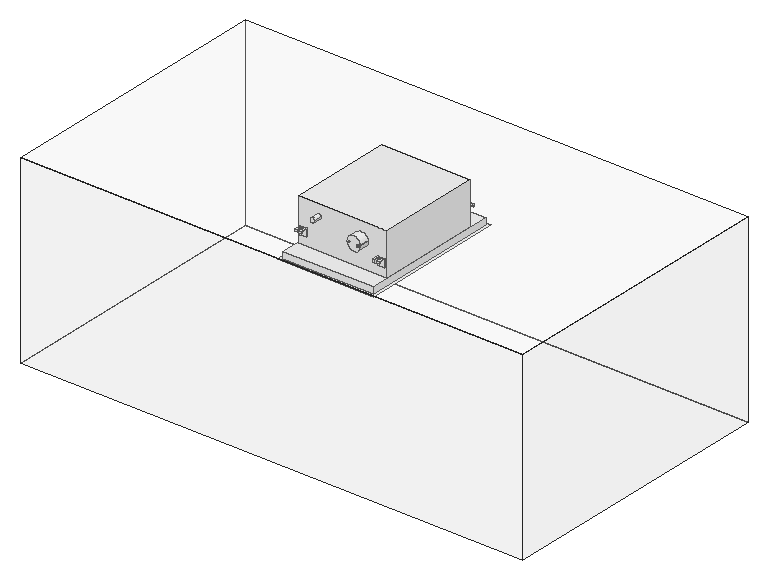
Revit family "pl-rp40_160la17_60Hz", category 機械設備, Revit 2019
Family settings
  丸型コネクタ寸法 = 直径を使用
  パーツ タイプ = 標準
  OmniClass 番号 = 23.75.10.24.21.27.27
  OmniClass タイトル = Split System Air Conditioning Units
  作業面ベース = いいえ
  常に垂直 = はい
  ロード時にボイドで切り取り = いいえ
  共有 = いいえ
  部屋計算ポイント = はい
Parameters (values of type "PL-RP40LA17_60Hz")
  風量（静）（m3／min） = 7
  風量（静） = 風量（静）（m3／min） * 60  # 420
  風量（弱）（m3／min） = 8
  風量（中）（m3／min） = 9
  風量（m3／min） = 10
  風量 = MAX風量  # 600.0 m³/h
  音響パワーレベル（静）(dB) = 49
  音響パワーレベル（弱）(dB) = 50
  音響パワーレベル（中）(dB) = 51
  音響パワーレベル(dB) = 52
  電源種別 = "一般"
  電圧_電気ヒーター = 0 V
  電圧 = 200 V
  電動機出力_送風機 = 0.05 kW
  運転質量 = 0.00 kg
  連動 = ""
  質量 = if(製品質量 > 運転質量, 製品質量, 運転質量) * 1.2  # 25.20 kg
  負荷分類 = 3_ファン類
  説明 = "空冷ヒートポンプインバータPAC天井カセット形(2方向吹出)"
  設計暖房能力 = 0 kW
  設計冷房能力_顕熱 = 0 kW
  設計冷房能力 = 0 kW
  設置方法 = "カセット形(2方向吹出形)"
  記号 = ""
  製造元 = "三菱電機株式会社"
  製品質量 = 21.00 kg
  製品出荷対象 = "国内"
  製品リリース年月 = "2021/5/10"
  製品グループ = ""
  系統 = ""
  符号 = "PAC_CK2"
  積算_科目 = "1 空気調和設備"
  積算_拾い区分 = ""
  相_電気ヒーター = 1
  相 = 1
  盤記号 = ""
  発停方法 = ""
  特殊仕様 = ""
  火災停止 = ""
  消費電力_電気ヒーター = 0 kW
  消費電力_暖房 = 0.03 kW
  消費電力_加湿器 = 0 kW
  消費電力_冷房 = 0.03 kW
  消費電力 = if(消費電力_冷房 > 消費電力_暖房, 消費電力_冷房, 消費電力_暖房) + 消費電力_加湿器 + 消費電力_電気ヒーター  # 0.03 kW
  法定耐用年数 = "15"
  機外静圧 = 0.0 Pa
  製造番号 = ""
  極数 = 3
  材質 = "溶融亜鉛メッキ鋼板"
  本体マテリアル = 鋼、ペイント仕上げ、アイボリー、光沢
  有効加湿量 = 0
  暖房能力 = 4 kW
  推奨ブレーカー容量 = 15 A
  形式_加湿器 = ""
  形式 = "カセット形(2方向吹出形)"
  幹線記号 = ""
  始動方式 = "直入"
  呼称 = "パッケージ形空気調和機_室内機"
  周波数 = 60 Hz
  吊り金具_高さ = 190.000 mm
  吊り位置Y = 824.000 mm
  吊り位置X = 574.000 mm
  加湿給水管径 = 0 mm
  分類コード = "50053003123020"
  分類グループ = ""
  冷房能力 = 3.6 kW
  冷媒高低圧ガス管径 = 0 mm
  冷媒管径符号 = "Ac"
  冷媒管径 = 100 mm
  冷媒液管高さ = 122.000 mm
  冷媒液管長さ = 67.000 mm
  冷媒液管径 = 6.35 mm
  冷媒ガス管高さ = 122.000 mm
  冷媒ガス管長さ = 78.000 mm
  冷媒ガス管径 = 12.7 mm
  価格 = 0
  企業コード = "108420"
  付属品_フィルター = ""
  付属品 = ""
  モデル = "PL-RP40LA17"
  ドレン管高さ = 60.000 mm
  ドレン管径 = 32 mm
  サービススペース = yes
  ケーブル種類 = ""
  ケーブルサイズ = 1.6 mm
  Width = 650.000 mm
  Version = ""
  Uniclass2015Version = "Systems v1.9"
  Uniclass2015Title = "Split coil remote air cooled condensing units"
  Uniclass2015Code = "Pr_70_65_03_84"
  URL = "https://www.mitsubishielectric.co.jp/ldg/wink/ssl/displayProduct.do?pid=310232"
  SpecificationReference = ""
  SpecificationDescription = ""
  S_H = 0.000 mm
  Revision = ""
  ProductInformation = ""
  OmniClassCode = "23-751024212727"
  MIN風量 = 風量（弱）（m3／min） * 60.0 m³/h  # 480.0 m³/h
  MID風量 = 風量（中）（m3／min） * 60.0 m³/h  # 540.0 m³/h
  MAX風量 = 風量（m3／min） * 60.0 m³/h  # 600.0 m³/h
  IfcTypeProduct = ""
  IfcProduct = ""
  IfcExportType = "AIRCONDITIONINGUNIT"
  IfcExportAs = "IfcUnitaryEquipmentType"
  Height = 357.000 mm
  Depth = 770.000 mm
  Author = "三菱電機株式会社"
Types (10, lengths in mm): name | 風量（静）（m3／min） | 風量（静） | 風量（弱）（m3／min） | 風量（中）（m3／min） | 風量（m3／min） | 風量 | 音響パワーレベル（静）(dB) | 音響パワーレベル（弱）(dB) | 音響パワーレベル（中）(dB) | 音響パワーレベル(dB) | 電動機出力_送風機 | 質量 | 製品質量 | 消費電力_暖房 | 消費電力_冷房 | 消費電力 | 暖房能力 | 吊り金具_高さ | 吊り位置Y | 冷房能力 | 冷媒管径符号 | 冷媒液管高さ | 冷媒液管長さ | 冷媒液管径 | 冷媒ガス管高さ | 冷媒ガス管長さ | 冷媒ガス管径 | モデル | ドレン管高さ | URL | MIN風量 | MID風量 | MAX風量 | Height | Depth
  PL-RP40LA17_60Hz | 7 | 420 | 8 | 9 | 10 | 600.0 m³/h | 49 | 50 | 51 | 52 | 0.05 kW | 25.20 kg | 21.00 kg | 0.03 kW | 0.03 kW | 0.03 kW | 4 kW | 190.000 | 824.000 | 3.6 kW | "Ac" | 122.000 | 67.000 | 6.35 | 122.000 | 78.000 | 12.7 | "PL-RP40LA17" | 60.000 | "https://www.mitsubishielectric.co.jp/ldg/wink/ssl/displayProduct.do?pid=310232" | 480.0 m³/h | 540.0 m³/h | 600.0 m³/h | 357.000 | 770.000
  PL-RP45LA17_60Hz | 8.5 | 510 | 9.5 | 10.5 | 11.5 | 690.0 m³/h | 49 | 50 | 52 | 53 | 0.05 kW | 28.80 kg | 24.00 kg | 0.04 kW | 0.04 kW | 0.04 kW | 4.5 kW | 190.000 | 994.000 | 4 kW | "Ac" | 122.000 | 67.000 | 6.35 | 122.000 | 78.000 | 12.7 | "PL-RP45LA17" | 60.000 | "https://www.mitsubishielectric.co.jp/ldg/wink/ssl/displayProduct.do?pid=310231" | 570.0 m³/h | 630.0 m³/h | 690.0 m³/h | 357.000 | 940.000
  PL-RP50LA17_60Hz | 10 | 600 | 12 | 13 | 14 | 840.0 m³/h | 51 | 54 | 56 | 58 | 0.05 kW | 31.20 kg | 26.00 kg | 0.06 kW | 0.06 kW | 0.06 kW | 5 kW | 190.000 | 994.000 | 4.5 kW | "Ac" | 122.000 | 67.000 | 6.35 | 122.000 | 78.000 | 12.7 | "PL-RP50LA17" | 60.000 | "https://www.mitsubishielectric.co.jp/ldg/wink/ssl/displayProduct.do?pid=310196" | 720.0 m³/h | 780.0 m³/h | 840.0 m³/h | 357.000 | 940.000
  PL-RP56LA17_60Hz | 10 | 600 | 12 | 13 | 14 | 840.0 m³/h | 52 | 54 | 56 | 58 | 0.05 kW | 31.20 kg | 26.00 kg | 0.06 kW | 0.06 kW | 0.06 kW | 5.6 kW | 190.000 | 994.000 | 5 kW | "Ac" | 122.000 | 67.000 | 6.35 | 122.000 | 78.000 | 12.7 | "PL-RP56LA17" | 60.000 | "https://www.mitsubishielectric.co.jp/ldg/wink/ssl/displayProduct.do?pid=310197" | 720.0 m³/h | 780.0 m³/h | 840.0 m³/h | 357.000 | 940.000
  PL-RP63LA17_60Hz | 10 | 600 | 12 | 13 | 14 | 840.0 m³/h | 53 | 54 | 56 | 58 | 0.05 kW | 31.20 kg | 26.00 kg | 0.06 kW | 0.06 kW | 0.06 kW | 6.3 kW | 190.000 | 994.000 | 5.6 kW | "Ac" | 122.000 | 67.000 | 6.35 | 122.000 | 78.000 | 12.7 | "PL-RP63LA17" | 60.000 | "https://www.mitsubishielectric.co.jp/ldg/wink/ssl/displayProduct.do?pid=310198" | 720.0 m³/h | 780.0 m³/h | 840.0 m³/h | 357.000 | 940.000
  PL-RP71LA17_60Hz | 10 | 600 | 12 | 13 | 14 | 840.0 m³/h | 54 | 55 | 56 | 58 | 0.05 kW | 31.20 kg | 26.00 kg | 0.06 kW | 0.06 kW | 0.06 kW | 7 kW | 190.000 | 994.000 | 6.3 kW | "Bd" | 122.000 | 67.000 | 9.52 | 122.000 | 78.000 | 15.88 | "PL-RP71LA17" | 60.000 | "https://www.mitsubishielectric.co.jp/ldg/wink/ssl/displayProduct.do?pid=310199" | 720.0 m³/h | 780.0 m³/h | 840.0 m³/h | 357.000 | 940.000
  PL-RP80LA17_60Hz | 10 | 600 | 12 | 13 | 14 | 840.0 m³/h | 55 | 56 | 57 | 59 | 0.05 kW | 31.20 kg | 26.00 kg | 0.06 kW | 0.06 kW | 0.06 kW | 8 kW | 190.000 | 994.000 | 7.1 kW | "Bg" | 122.000 | 67.000 | 9.52 | 122.000 | 78.000 | 15.88 | "PL-RP80LA17" | 60.000 | "https://www.mitsubishielectric.co.jp/ldg/wink/ssl/displayProduct.do?pid=310200" | 720.0 m³/h | 780.0 m³/h | 840.0 m³/h | 357.000 | 940.000
  PL-RP112LA17_60Hz | 18 | 1080 | 20.5 | 22.5 | 24 | 1440.0 m³/h | 58 | 60 | 61 | 62 | 0.1 kW | 54.00 kg | 45.00 kg | 0.09 kW | 0.09 kW | 0.09 kW | 11.2 kW | 231.000 | 1494.000 | 10 kW | "Bg" | 163.000 | 71.000 | 9.52 | 163.000 | 83.000 | 15.88 | "PL-RP112LA17" | 101.000 | "https://www.mitsubishielectric.co.jp/ldg/wink/ssl/displayProduct.do?pid=310201" | 1230.0 m³/h | 1350.0 m³/h | 1440.0 m³/h | 398.000 | 1440.000
  PL-RP140LA17_60Hz | 20 | 1200 | 24.5 | 27 | 29 | 1740.0 m³/h | 61 | 62 | 65 | 66 | 0.24 kW | 56.40 kg | 47.00 kg | 0.14 kW | 0.14 kW | 0.14 kW | 14 kW | 231.000 | 1494.000 | 12.5 kW | "Bg" | 163.000 | 71.000 | 9.52 | 163.000 | 83.000 | 15.88 | "PL-RP140LA17" | 101.000 | "https://www.mitsubishielectric.co.jp/ldg/wink/ssl/displayProduct.do?pid=310202" | 1470.0 m³/h | 1620.0 m³/h | 1740.0 m³/h | 398.000 | 1440.000
  PL-RP160LA17_60Hz | 20 | 1200 | 24.5 | 27 | 30 | 1800.0 m³/h | 62 | 63 | 66 | 67 | 0.24 kW | 56.40 kg | 47.00 kg | 0.14 kW | 0.14 kW | 0.14 kW | 16 kW | 231.000 | 1494.000 | 14 kW | "Bg" | 163.000 | 71.000 | 9.52 | 163.000 | 83.000 | 15.88 | "PL-RP160LA17" | 101.000 | "https://www.mitsubishielectric.co.jp/ldg/wink/ssl/displayProduct.do?pid=310203" | 1470.0 m³/h | 1620.0 m³/h | 1800.0 m³/h | 398.000 | 1440.000
Reference planes
  plane 1 "中心(正面/背面)": y = 0
  plane 2: z = 0
  plane 3 "中心(左/右)": x = 0
  plane 4 "最外形_1": y = 540
  plane 5 "最外形_2": y = -540
  plane 6 "本体_1": y = 385
  plane 7 "本体_2": y = -385
  plane 8 "吊り位置Y_1": y = 412
  plane 9 "吊り位置Y_2": y = -412
  plane 10 "吊り位置X_2": x = 287
  plane 11 "吊り位置X_1": x = -287
  plane 12 "吊り金具位置": z = 167
  plane 13 "冷媒管_高さ": z = 235
  plane 14 "ガス管_1": y = -463
  plane 15 "液管_1": y = -452
  plane 16 "ガス管_2": x = 173
  plane 17 "液管_2": x = 103
  plane 18 "ドレン配管_高さ": z = 275
  plane 19: x = -175
  plane 20 "ドレン_長さ": y = -442
  plane 21 "サービススペース": z = 345
  plane 22 "点検口範囲_1": y = -340
  plane 23 "点検口範囲_2": y = 310
  plane 24: y = 450
  plane 25: y = 110
  plane 26 "サービススペース_2": x = 1855
  plane 27 "サービススペース_1": x = -1855
  plane 28 "サービススペース_3": y = 1040
  plane 29 "サービススペース_4": y = -1040
  plane 30 "高さ": z = 357
  plane 31 "サービススペース_5": z = -1000
Forms (mm)
  Extrusion 1, solid, detail levels fine
    sketch origin (0, 0, 0) x (0, -1, 0) y (1, 0, 0)
      loop
        line (520, -335) -> (520, 335) -> (-520, 335) -> (-520, -335) -> (520, -335)
    from 0 to 45
  Extrusion 2, solid, detail levels fine
    sketch origin (0, 0, 0) x (0, -1, 0) y (1, 0, 0)
      loop
        line (-385, 325) -> (-385, -325) -> (385, -325) -> (385, 325) -> (-385, 325)
    from 45 to 357
  Extrusion 3, solid, detail levels fine
    sketch origin (0, 0, 0) x (1, 0, 0) y (0, 1, 0)
      loop
        line (355, -540) -> (355, 540) -> (-355, 540) -> (-355, -540) -> (355, -540)
    from -20 to 0
  Sweep 4, void
    path in 3D
      loop
        line (-355, -540, -20) -> (-355, 540, -20) -> (355, 540, -20) -> (355, -540, -20) -> (-355, -540, -20)
    profile origin (0, -540, -20) x (0, 1, 0) y (0, 0, -1)
      loop
        line (0, -20) -> (31.974, 0) -> (0, 0) -> (0, -20)
  Extrusion 5, solid, detail levels fine
    sketch origin (0, 0, 0) x (1, 0, 0) y (0, 0, 1)
      loop
        circle (103, 235) r 3.175
    from 385 to 452
  Extrusion 6, solid, detail levels fine
    sketch origin (0, 0, 0) x (1, 0, 0) y (0, 0, 1)
      loop
        circle (173, 235) r 6.35
    from 385 to 463
  Extrusion 7, solid, detail levels fine
    sketch origin (0, 0, 0) x (1, 0, 0) y (0, 0, 1)
      loop
        circle (138, 235) r 50
    from 385 to 452
  Extrusion 8, solid, detail levels fine
    sketch origin (0, 0, 0) x (1, 0, 0) y (0, 0, 1)
      loop
        circle (-175, 275) r 16
    from 385 to 442
Cuts and joins
  Sweep 4 cuts Extrusion 3
Lines and regions (mm)
  model lines, detail levels fine
    curve 1: line (-240, 435, -20) -> (240, 435, -20)
    curve 2: line (250, 425, -20) -> (250, -425, -20)
    curve 3: line (180, 435, -20) -> (180, -435, -20)
    curve 4: line (-240, -435, -20) -> (240, -435, -20)
    curve 5: line (-250, 425, -20) -> (-250, -425, -20)
    curve 6: line (-180, 435, -20) -> (-180, -435, -20)
    curve 7: arc (240, 435, -20) -> (247.071, 432.071, -20) -> (250, 425, -20) r 10
    curve 8: arc (250, -425, -20) -> (247.071, -432.071, -20) -> (240, -435, -20) r 10
    curve 9: arc (-250, -425, -20) -> (-247.071, -432.071, -20) -> (-240, -435, -20) r 10
    curve 10: arc (-250, 425, -20) -> (-247.071, 432.071, -20) -> (-240, 435, -20) r 10
    curve 11: line (260.1, 424.827, -20) -> (260.1, -424.827, -20)
    curve 12: line (271.273, 436, -20) -> (289.25, 436, -20)
    curve 13: line (312.8, -419.027, -20) -> (312.8, 419.027, -20)
    curve 14: arc (260.1, 424.827, -20) -> (263.372, 432.728, -20) -> (271.273, 436, -20) r 11.173
    curve 15: arc (289.25, 436, -20) -> (303.765, 431.315, -20) -> (312.8, 419.027, -20) r 24.824
    curve 16: line (271.273, -436, -20) -> (289.25, -436, -20)
    curve 17: arc (260.1, -424.827, -20) -> (263.372, -432.728, -20) -> (271.273, -436, -20) r 11.173
    curve 18: arc (289.25, -436, -20) -> (303.765, -431.315, -20) -> (312.8, -419.027, -20) r 24.824
    curve 19: line (-260.1, 424.827, -20) -> (-260.1, -424.827, -20)
    curve 20: line (-271.273, 436, -20) -> (-289.25, 436, -20)
    curve 21: line (-312.8, -419.027, -20) -> (-312.8, 419.027, -20)
    curve 22: arc (-260.1, 424.827, -20) -> (-263.372, 432.728, -20) -> (-271.273, 436, -20) r 11.173
    curve 23: arc (-289.25, 436, -20) -> (-303.765, 431.315, -20) -> (-312.8, 419.027, -20) r 24.824
    curve 24: line (-271.273, -436, -20) -> (-289.25, -436, -20)
    curve 25: arc (-260.1, -424.827, -20) -> (-263.372, -432.728, -20) -> (-271.273, -436, -20) r 11.173
    curve 26: arc (-289.25, -436, -20) -> (-303.765, -431.315, -20) -> (-312.8, -419.027, -20) r 24.824
  sketch lines
    curve 27: line (355, -540, -20) -> (-355, -540, -20)
    curve 28: line (355, 540, -20) -> (355, -540, -20)
    curve 29: line (-355, 540, -20) -> (355, 540, -20)
    curve 30: line (-355, -540, -20) -> (-355, 540, -20)
Dimensions and locks
  locked: cut or joined group of Extrusion 3, Sweep 4 to cut or joined group of Extrusion 3, Sweep 4 at 710
  plane 5 "最外形_2" to plane 4 "最外形_1" = 1080.000 mm
  equal spacing: plane 5 "最外形_2", plane 1 "中心(正面/背面)", plane 4 "最外形_1"
  equal spacing: plane 7 "本体_2", plane 1 "中心(正面/背面)", plane 6 "本体_1"
  "Depth": plane 7 "本体_2" to plane 6 "本体_1"
  equal spacing: plane 9 "吊り位置Y_2", plane 1 "中心(正面/背面)", plane 8 "吊り位置Y_1"
  "吊り位置Y": plane 9 "吊り位置Y_2" to plane 8 "吊り位置Y_1"
  plane 11 "吊り位置X_1" to plane 10 "吊り位置X_2" = 574.000 mm  (x2)
  plane 5 "最外形_2" to plane 7 "本体_2" = 155.000 mm
  locked: plane 6 "本体_1" to plane 4 "最外形_1" at 155
  "冷媒ガス管長さ": plane 14 "ガス管_1" to plane 7 "本体_2"
  "冷媒液管長さ": plane 7 "本体_2" to plane 15 "液管_1"
  locked: plane 20 "ドレン_長さ" to plane 7 "本体_2" at 57
  locked: plane 29 "サービススペース_4" to plane 5 "最外形_2" at 500
  locked: plane 4 "最外形_1" to plane 28 "サービススペース_3" at 500
  "Height": plane 30 "高さ" to level
  "冷媒ガス管高さ": plane 30 "高さ" to plane 13 "冷媒管_高さ"
  "吊り金具_高さ": plane 30 "高さ" to plane 12 "吊り金具位置"
  "冷媒液管径": diameter of Extrusion 5 sketch curve
  "冷媒ガス管径": diameter of Extrusion 6 sketch curve
  diameter of Extrusion 7 sketch curve = 100.000 mm
  diameter of Extrusion 8 sketch curve = 32.000 mm
  aligned and locked: level to plane 2
  aligned and locked: plane 5 "最外形_2" to cut or joined group of Extrusion 3, Sweep 4
  aligned and locked: plane 6 "本体_1" to Extrusion 2
  aligned and locked: nested 4 to plane 6 "本体_1"
  aligned and locked: nested 3 to plane 6 "本体_1"
  aligned and locked: plane 7 "本体_2" to Extrusion 2  (x2)
  aligned and locked: nested 2 to plane 7 "本体_2"
  aligned and locked: nested 1 to plane 7 "本体_2"
  aligned and locked: Extrusion 2 to Extrusion 1
  aligned and locked: plane 8 "吊り位置Y_1" to nested 5
  aligned and locked: nested 5 to plane 8 "吊り位置Y_1"
  aligned and locked: plane 9 "吊り位置Y_2" to nested 5  (x2)
  aligned and locked: nested 5 to plane 10 "吊り位置X_2"
  aligned and locked: plane 11 "吊り位置X_1" to nested 5
  aligned and locked: Extrusion 5 to plane 7 "本体_2"
  aligned and locked: Extrusion 6 to plane 7 "本体_2"
  aligned and locked: Extrusion 6 to plane 14 "ガス管_1"
  aligned and locked: Extrusion 5 to plane 15 "液管_1"
  aligned and locked: Extrusion 7 to Extrusion 2
  aligned and locked: Extrusion 7 to plane 15 "液管_1"
  aligned and locked: Extrusion 8 to Extrusion 2
  aligned and locked: plane 20 "ドレン_長さ" to Extrusion 8
  aligned and locked: Extrusion 2 to plane 6 "本体_1"
  aligned and locked: nested 6 to plane 27 "サービススペース_1"
  aligned and locked: plane 26 "サービススペース_2" to nested 6
  aligned and locked: nested 6 to plane 28 "サービススペース_3"
  aligned and locked: nested 6 to plane 29 "サービススペース_4"
  aligned and locked: plane 30 "高さ" to Extrusion 2
  aligned and locked: nested 1 to plane 12 "吊り金具位置"
  aligned and locked: plane 12 "吊り金具位置" to nested 3
  aligned and locked: nested 2 to plane 12 "吊り金具位置"
  aligned and locked: plane 12 "吊り金具位置" to nested 4
  aligned and locked: plane 30 "高さ" to nested 6
  aligned and locked: nested 6 to plane 31 "サービススペース_5"
Automatic sketch dimensions
  plane 4 "最外形_1" to Extrusion 1 sketch curve = 20.000 mm
  Extrusion 1 sketch curve to plane 5 "最外形_2" = 20.000 mm
  Extrusion 1 sketch curve to plane 3 "中心(左/右)" = 335.000 mm
  plane 3 "中心(左/右)" to Extrusion 1 sketch curve = 335.000 mm
  plane 4 "最外形_1" to Extrusion 2 sketch curve = 155.000 mm
  Extrusion 2 sketch curve to plane 5 "最外形_2" = 155.000 mm
  Extrusion 2 sketch curve to plane 3 "中心(左/右)" = 325.000 mm
  plane 3 "中心(左/右)" to Extrusion 2 sketch curve = 325.000 mm
  plane 4 "最外形_1" to curve 21 = 120.973 mm
  curve 21 to plane 3 "中心(左/右)" = 312.800 mm
  curve 23 to curve 20 = 23.550 mm
  curve 26 to curve 24 = 23.550 mm
  curve 23 to curve 20 = 17.977 mm
  curve 26 to curve 24 = 17.977 mm
  curve 25 to curve 19 = 11.173 mm
  curve 19 to curve 5 = 10.100 mm
  curve 5 to curve 4 = 10.000 mm
  curve 5 to curve 10 = 10.000 mm
  plane 3 "中心(左/右)" to curve 1 = 240.000 mm
  curve 8 to plane 5 "最外形_2" = 115.000 mm
  plane 3 "中心(左/右)" to curve 8 = 240.000 mm
  curve 7 to curve 2 = 10.000 mm
  curve 2 to curve 11 = 10.100 mm
  curve 17 to curve 17 = 11.173 mm
  curve 14 to curve 12 = 11.173 mm
  curve 14 to curve 15 = 17.977 mm
  curve 17 to curve 18 = 17.977 mm
  curve 16 to curve 2 = 11.000 mm
  curve 24 to curve 5 = 11.000 mm
  curve 24 to curve 21 = 16.973 mm
  curve 18 to curve 13 = 16.973 mm
  curve 23 to curve 21 = 7.851 mm
  curve 15 to curve 13 = 7.851 mm
  curve 11 to curve 7 = 0.173 mm
  curve 10 to curve 6 = 60.000 mm
  curve 3 to curve 8 = 60.000 mm
  plane 5 "最外形_2" to Extrusion 3 sketch curve = 0.000 mm
  plane 4 "最外形_1" to Extrusion 3 sketch curve = 0.000 mm
  Extrusion 3 sketch curve to plane 3 "中心(左/右)" = 355.000 mm
  plane 3 "中心(左/右)" to Extrusion 3 sketch curve = 355.000 mm
  Sweep 4 sketch curve to profile plane = 0.000 mm
  profile plane to Sweep 4 sketch curve = 0.000 mm
  Sweep 4 sketch curve to profile plane = 31.974 mm
  Sweep 4 sketch curve to profile plane = 20.000 mm
  Extrusion 7 sketch curve to plane 13 "冷媒管_高さ" = 0.000 mm
  plane 16 "ガス管_2" to Extrusion 7 sketch curve = 35.000 mm
  Extrusion 8 sketch curve to plane 18 "ドレン配管_高さ" = 0.000 mm
  plane 19 to Extrusion 8 sketch curve = 0.000 mm
  plane 8 "吊り位置Y_1" to curve 15 = 0.824 mm
  curve 18 to curve 13 = 23.550 mm
  Extrusion 5 sketch curve to plane 13 "冷媒管_高さ" = 0.000 mm
  plane 17 "液管_2" to Extrusion 5 sketch curve = 0.000 mm
  Extrusion 6 sketch curve to plane 13 "冷媒管_高さ" = 0.000 mm
  plane 16 "ガス管_2" to Extrusion 6 sketch curve = 0.000 mm
Nested families
  nested 1: "LEG1" at (287, -412, 167), type "LEG1", detail levels fine
  nested 2: "LEG1" at (-287, -412, 167), type "LEG1", detail levels fine
  nested 3: "LEG1" at (287, 412, 167), type "LEG1", detail levels fine
  nested 4: "LEG1" at (-287, 412, 167), type "LEG1", detail levels fine
  nested 5: "固定点" at (-287, -412, 0), type "固定点"
    with W 574.000 mm, D 824.000 mm
  nested 6: "サービススペース" at (0, 0, -321.5), type "サービススペース"
    with Width 3710.000 mm, Height 1357.000 mm, Depth 2080.000 mm
Connectors
  electrical at (0, -385, 201), driven by "極数", driven by "負荷分類", driven by "電圧", driven by "消費電力"
    settings: on Extrusion 2, index 4, voltage 200 V, apparent load 30 VA, apparent load phase1 0 VA, apparent load phase2 0 VA, apparent load phase3 0 VA, power factor 1, load classification "3_ファン類", number of poles 3, system type 30, power factor state 1, is connector primary yes, connector utility no, sub classification motor no, connector description ""
  piping at (-175, -442, 275), diameter 32, driven by "ドレン管径"
    settings: on Extrusion 8, index 5, connector inside diameter 609.6 mm, connector length 0.000 mm, flow factor 0, pipe flow 0.0 L/s, pressure drop 0.0 Pa, fitting loss kfactor 0, connector angle 0.00°, fixture units 0, engagement length 0.000 mm, angle of deflection 0.00°, flow configuration 1, flow direction 2, fitting loss method 4, system type 16, joint type 0, gender type 0, connector reference index -1, connector utility 0, adjustable connector no, is connector primary yes, connector description ""
  piping at (138, -452, 235), diameter 100, driven by "冷媒管径符号", driven by "冷媒管径"
    settings: on Extrusion 7, index 6, connector inside diameter 609.6 mm, connector length 0.000 mm, flow factor 0, pipe flow 0.0 L/s, pressure drop 0.0 Pa, fitting loss kfactor 0, connector angle 0.00°, fixture units 0, engagement length 0.000 mm, angle of deflection 0.00°, flow configuration 1, flow direction 1, fitting loss method 4, system type 7, joint type 0, gender type 0, connector reference index -1, connector utility 0, adjustable connector no, is connector primary no, connector description "Ac"
Definition of nested family "LEG1"
  Parameters (values of type "LEG1")
    product distance = 27.000 mm
  Reference planes
    plane 1 "中心(正面/背面)": y = 0
    plane 2: z = 0
    plane 3 "中心(左/右)": x = 0
    plane 4: x = -25
    plane 5: x = 25
    plane 6: y = -23
    plane 7: y = 27
    plane 8: x = -8
    plane 9: x = 8
    plane 10: x = -6
    plane 11: x = 6
    plane 12: y = 24.7
  Forms (mm)
    Extrusion 1, solid
      sketch origin (0, 0, 0) x (1, 0, 0) y (0, 1, 0)
        loop
          line (-25, 27) -> (-25, -23) -> (25, -23) -> (25, 27) -> (-25, 27)
      from 0 to -60
    Extrusion 2, void
      sketch origin (0, 0, 0) x (0, 1, 0) y (0, 0, 1)
        loop
          line (-20.7, -2.3) -> (-20.7, -15) -> (-23, -15) -> (-23, -60) -> (24.7, -60) -> (24.7, -2.3) -> (-20.7, -2.3)
      from -25 to 25
    Extrusion 3, void
      sketch origin (0, 0, 0) x (1, 0, 0) y (0, 1, 0)
        loop
          arc (-8, 7) -> (-15, 0) -> (-8, -7) r 7
          line (-8, -7) -> (-6, -7) -> (-6, -23) -> (6, -23) -> (6, -7) -> (8, -7)
          arc (8, -7) -> (15, 0) -> (8, 7) r 7
          line (8, 7) -> (-8, 7)
      from 0 to -60
  Cuts and joins
    Extrusion 2, Extrusion 3 cuts Extrusion 1
  Dimensions and locks
    locked: Extrusion 1 sketch curve to Extrusion 1 sketch curve at 50
    equal spacing: Extrusion 1 sketch curve, plane 3 "中心(左/右)", Extrusion 1 sketch curve
    locked: plane 6 to plane 1 "中心(正面/背面)" at 23
    "product distance": plane 1 "中心(正面/背面)" to plane 7
    plane 7 to Extrusion 2 sketch curve = 2.300 mm
    locked: cut or joined group of Extrusion 1, Extrusion 2, Extrusion 3 to cut or joined group of Extrusion 1, Extrusion 2, Extrusion 3 at 2.3  (x2)
    cut or joined group of Extrusion 1, Extrusion 2, Extrusion 3 to cut or joined group of Extrusion 1, Extrusion 2, Extrusion 3 = 50.000 mm
    aligned and locked: level to plane 2
    aligned and locked: Extrusion 2 sketch curve to cut or joined group of Extrusion 1, Extrusion 2, Extrusion 3  (x2)
    aligned and locked: cut or joined group of Extrusion 1, Extrusion 2, Extrusion 3 to Extrusion 3 sketch curve
    aligned and locked: plane 6 to Extrusion 1 sketch curve
    aligned and locked: Extrusion 1 sketch curve to plane 7
  Automatic sketch dimensions
    Extrusion 2 sketch curve to plane 6 = 2.300 mm
    Extrusion 2 sketch curve to level = 15.000 mm
    Extrusion 2 sketch curve to level = 2.300 mm
    plane 1 "中心(正面/背面)" to Extrusion 3 sketch curve = 0.000 mm  (x2)
    Extrusion 3 sketch curve to plane 8 = 0.000 mm
    Extrusion 3 sketch curve to plane 10 = 0.000 mm
    Extrusion 3 sketch curve to plane 11 = 0.000 mm
    Extrusion 3 sketch curve to plane 9 = 0.000 mm  (x2)
    plane 1 "中心(正面/背面)" to Extrusion 3 sketch curve = 7.000 mm
Definition of nested family "サービススペース"
  Parameters (values of type "サービススペース")
    Width [instance] = 500.000 mm
    Height [instance] = 500.000 mm
    Depth [instance] = 500.000 mm
  Reference planes
    plane 1 "中心(正面/背面)": y = 0
    plane 2: z = 0
    plane 3 "中心(左/右)": x = 0
    plane 4: y = -250
    plane 5: x = 250
    plane 6: y = 250
    plane 7: x = -250
    plane 8: z = 250
    plane 9: z = -250
  Forms (mm)
    Extrusion 1, solid
      sketch origin (-638.939, 0, 72.39) x (1, 0, 0) y (0, 1, 0)
        loop
          line (388.939, 250) -> (388.939, -250) -> (888.939, -250) -> (888.939, 250) -> (388.939, 250)
      from -322.39 to 177.61
  Lines and regions (mm)
    symbolic lines
      curve 1: line (-250, 0, 250) -> (250, 0, 250)
      curve 2: line (-250, 0, -250) -> (-250, 0, 250)
      curve 3: line (250, 0, -250) -> (-250, 0, -250)
      curve 4: line (250, 0, 250) -> (250, 0, -250)
      curve 5: line (0, -250, 250) -> (0, 250, 250)
      curve 6: line (0, -250, -250) -> (0, -250, 250)
      curve 7: line (0, 250, -250) -> (0, -250, -250)
      curve 8: line (0, 250, 250) -> (0, 250, -250)
      curve 9: line (-250, 250, 0) -> (250, 250, 0)
      curve 10: line (-250, -250, 0) -> (-250, 250, 0)
      curve 11: line (250, -250, 0) -> (-250, -250, 0)
      curve 12: line (250, 250, 0) -> (250, -250, 0)
  Dimensions and locks
    equal spacing: plane 7, plane 3 "中心(左/右)", plane 5
    equal spacing: plane 4, plane 1 "中心(正面/背面)", plane 6
    "Depth": plane 4 to plane 6
    "Width": plane 7 to plane 5
    equal spacing: plane 8, plane 2, plane 9
    "Height": plane 8 to plane 9
    aligned and locked: plane 9 to curve 3
    aligned and locked: plane 7 to curve 2
    aligned and locked: curve 4 to plane 5
    aligned and locked: plane 5 to Extrusion 1
    aligned and locked: Extrusion 1 to plane 7
    aligned and locked: Extrusion 1 to plane 9
    aligned and locked: plane 8 to Extrusion 1
    aligned and locked: plane 9 to curve 7
  Automatic sketch dimensions
    plane 4 to Extrusion 1 sketch curve = 0.000 mm
    Extrusion 1 sketch curve to plane 7 = 0.000 mm
    Extrusion 1 sketch curve to plane 5 = 0.000 mm
    plane 6 to Extrusion 1 sketch curve = 0.000 mm
    curve 2 to plane 8 = 0.000 mm
    plane 4 to curve 11 = 0.000 mm
    curve 11 to plane 7 = 0.000 mm
    curve 11 to plane 5 = 0.000 mm
    plane 6 to curve 10 = 0.000 mm
    curve 7 to plane 4 = 0.000 mm
    curve 7 to plane 6 = 0.000 mm
    curve 6 to plane 8 = 0.000 mm
Definition of nested family "固定点"
  Parameters (values of type "固定点")
    中心円 = 20.000 mm
    W [instance] = 574.000 mm
    D [instance] = 824.000 mm
  Reference planes
    plane 1 "中心(正面/背面)": y = 0
    plane 2: z = 0
    plane 3 "中心(左/右)": x = 0
    plane 4: x = 574
    plane 5: y = 824
  Lines and regions (mm)
    symbolic lines, detail levels fine
      curve 1: circle (0, 824, 0) r 10 normal (0, 0, 1)
      curve 2: circle (0, 0, 0) r 10 normal (0, 0, 1)
      curve 3: circle (574, 824, 0) r 10 normal (0, 0, 1)
      curve 4: circle (574, 0, 0) r 10 normal (0, 0, 1)
      curve 5: line (-200, 824, 0) -> (774, 824, 0)
      curve 6: line (-200, 0, 0) -> (774, 0, 0)
      curve 7: line (0, 1024, 0) -> (0, -200, 0)
      curve 8: line (574, 1024, 0) -> (574, -200, 0)
  Dimensions and locks
    "W": plane 3 "中心(左/右)" to plane 4
    "D": plane 1 "中心(正面/背面)" to plane 5
    "中心円": diameter of curve 1
    "中心円": diameter of curve 2
    "中心円": diameter of curve 3
    "中心円": diameter of curve 4
    aligned and locked: level to plane 2
    aligned and locked: plane 5 to curve 1
    aligned and locked: plane 3 "中心(左/右)" to curve 1
    aligned and locked: plane 3 "中心(左/右)" to curve 2
    aligned and locked: plane 1 "中心(正面/背面)" to curve 2
    aligned and locked: plane 4 to curve 3
    aligned and locked: plane 5 to curve 3
    aligned and locked: plane 1 "中心(正面/背面)" to curve 4
    aligned and locked: plane 4 to curve 4
    aligned and locked: plane 1 "中心(正面/背面)" to curve 6
    aligned and locked: curve 7 to plane 3 "中心(左/右)"
    aligned and locked: curve 8 to plane 4
  Automatic sketch dimensions
    curve 5 to plane 5 = 0.000 mm
    curve 6 to plane 3 "中心(左/右)" = 200.000 mm
    curve 5 to plane 3 "中心(左/右)" = 200.000 mm
    curve 4 to curve 6 = 200.000 mm
    curve 3 to curve 5 = 200.000 mm
    plane 1 "中心(正面/背面)" to curve 8 = 200.000 mm
    plane 1 "中心(正面/背面)" to curve 7 = 200.000 mm
    curve 3 to curve 8 = 200.000 mm
    curve 1 to curve 7 = 200.000 mm
